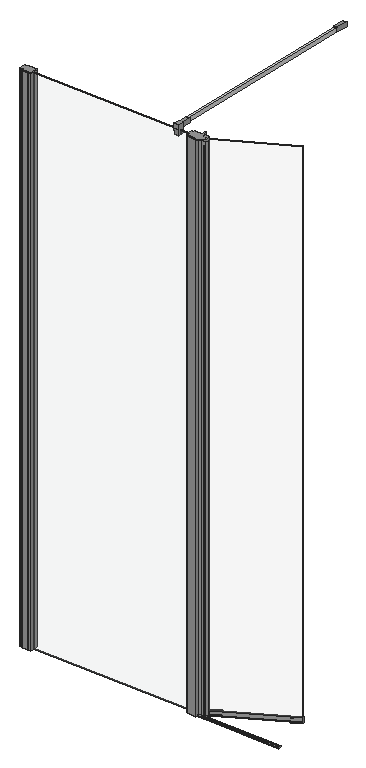
Revit family "Sanitary_Shower-screens_Duscholux_Giro_Separator-Fixed-Segnment+Pivot-door-180°-shower", category Plumbing Fixtures, Revit 2016
Family settings
  Part Type = Normal
  Round Connector Dimension = Use Diameter
  OmniClass Number = 23.45.00.00
  OmniClass Title = Sanitary, Laundry, and Cleaning Equipment
  Work Plane-Based = No
  Always vertical = Yes
  Cut with Voids When Loaded = No
  Shared = No
  Room Calculation Point = No
Parameters (values of type "Shiny Silver Finish")
  Width = 1000 mm
  Uniclass 2015 Description = "Shower Enclosures"
  Uniclass 2015 Code = "PR-40-20-06-79"
  URL = "http://www.duscholux.es/"
  UNSPSC Code = "30181507"
  Thickness Glass = 5 mm  # constant formula
  Technical Inspection Certificate (Applus) = "http://www.duscholux.es/resources/custom/var/APPLUS_en.pdf"
  Support Lenght = 800 mm
  Series = "Plus Evolution Giro"
  Region South America = "Consult"
  Region Oceania = "Consult"
  Region North America = "Consult"
  Region Middle East = "Consult"
  Region Europe = "AD, ES, FR, PT"
  Region Asia = "Consult"
  Region Antartica = "Consult"
  Region Africa = "Consult"
  Ref. = "71I / 71D"
  Products = "http://www.duscholux.es/mamparas_filtro.aspx?es"
  Product group = "Fixed panel"
  Product family = "Plus Evolution Giro"
  Opening System Image = "http://blob.duscholux.es/pluma512/SDIzq1f1pabatible180.gif"
  Opening System = "Pivot Door"
  Opening angle = -30.00°
  Offset Support = 100 mm
  Net Weight (Kg) = 29
  NBS Reference Description = "Shower Enclosures"
  NBS Reference Code = "45-35-70"
  Model = ""
  Min Max Width = if(Width < 700 mm, 700 mm, if(Width > 1400 mm, 1400 mm, Width))  # 1000 mm
  Max Height = if(Height > 2000 mm, 2000 mm, Height)  # 2000 mm
  Manufacturer name = "Duscholux Ibérica, S.A."
  Manufacturer country = "Spain"
  Maintenance and Cleaning = "http://www.duscholux.es/mamparas_limpieza.aspx?en"
  Image = "http://www.duscholux.es/resources/custom/img/mamparas/PLUS%20EVOLUTION%20GIRO/modelos/1F1PSDF/mampara_h.jpg"
  IFC Classification = "Furnishing Element"
  Height = 2000 mm
  Handle Material = Matt Silver Aluminium Finish
  Handle Height = Max Height / 2  # 1000 mm
  Glass in Building UNE EN 12150 = "CE Conformity marking"
  Glass Material = Glass_Material-Duscholux
  Frame Material = Shiny Silver  Aluminium Finish
  Fixed segment = Width - 300 mm  # 700 mm
  Fact Sheet = "http://blob.duscholux.es/enpdf2018/Giro1F1PSDB.pdf"
  Manufacturer = "Duscholux Ibérica, S.A."
  Environmental Management ISO 14001 = "ECOEMBES Certificate"
  Edition number = "1"
  Pivot door = Width - Fixed segment  # 300 mm
  Design country = "Spain / Germany"
  Description = "Front 1 Fixed segment + 1 pivot door at 180° for shower"
  Date of publishing = ""
  Assembly Code = "C1030200"
  Configuration enclosure = "http://configuratumampara.duscholux.es/eCatalogo.aspx"
  Components = "Eropean components"
  Type Comments = ""
  Combinations = ""
  Certified Quality UNE EN 14428 = "http://www.duscholux.es/duscholux_downloads.aspx?es"
  COBIe Type Category = ""
  Brand = "Duscholux"
  Accesories Material = Plastic, Gray
Types (4, lengths in mm): name | Width | Min Max Width | Handle Material | Frame Material | Fixed segment | Accesories Material
  (no name) | 1000 | 1000 | Matt Silver Aluminium Finish | Shiny Silver  Aluminium Finish | 700 | Plastic, Gray
  Silver Matt Aluminium Finish | 1000 | 1000 | Matt Silver Aluminium Finish | Matt Silver Aluminium Finish | 700 | Plastic, Gray
  Shiny Silver Finish | 1000 | 1000 | Matt Silver Aluminium Finish | Shiny Silver  Aluminium Finish | 700 | Plastic, Gray
  White Aluminium Finish | 1100 | 1100 | White Finish | White Aluminium Finish | 800 | White Finish
Reference planes
  plane 1 "Centro (Frontal/Posterior)": y = 0
  plane 2: z = 0
  plane 3 "Centro (Izquierda/Derecha)": x = 0
  plane 4: z = 2000
  plane 5: x = 1000
  plane 6: z = 1000
  plane 7: z = 0
  plane 8: z = 8
  plane 9: y = -15.3
  plane 10: z = 1996
  plane 11: x = 700
  plane 12: x = 600
Forms (mm)
  Extrusion 1, solid, material "Glass_Material-Duscholux" <- "Glass Material"
    sketch origin (695.09, 14.832, 0) x (0.866025, 0.5, 0) y (-0.5, 0.866025, 0)
      loop
        line (-0.257, -12.8) -> (-0.257, -17.8) -> (296.836, -17.8) -> (296.836, -12.8) -> (-0.257, -12.8)
    from 8 to 1992
  Extrusion 2, solid, material "Shiny Silver  Aluminium Finish" <- "Frame Material", detail levels medium+fine
    sketch origin (0, 32.415, 0) x (0, 1, 0) y (0, 0, 1)
      loop
        line (-48.975, 0) -> (-39.375, 0) -> (-39.375, 3)
        arc (-39.375, 3) -> (-39.96, 4.414) -> (-41.375, 5) r 2
        line (-41.375, 5) -> (-46.975, 5)
        arc (-46.975, 5) -> (-48.389, 4.414) -> (-48.975, 3) r 2
        line (-48.975, 3) -> (-48.975, 0)
    from 712.745 to 1000
  Extrusion 3, solid, material "Shiny Silver  Aluminium Finish" <- "Frame Material"
    sketch origin (0, 0, 0) x (1, 0, 0) y (0, 1, 0)
      loop
        line (643.416, 9.29) -> (643.416, 1.79) -> (653.916, 1.79) -> (653.916, -6.21) -> (643.416, -6.21) -> (643.416, -13.71) -> (671.466, -13.71) -> (671.466, -12.36) -> (644.766, -12.36) -> (644.766, -7.555) -> (655.266, -7.555) -> (655.266, 3.135) -> (644.766, 3.135) -> (644.766, 7.94) -> (671.466, 7.94) -> (671.466, 9.29) -> (643.416, 9.29)
    from 0 to 1992
  Extrusion 4, solid, material "Shiny Silver  Aluminium Finish" <- "Frame Material"
    sketch origin (0, 0, 0) x (1, 0, 0) y (0, 1, 0)
      loop
        line (43.002, 12.565) -> (11.652, 12.565) -> (11.652, 9.593) -> (41.752, 9.593) -> (41.752, 3.037) -> (31.002, 3.037) -> (31.002, -7.457) -> (41.752, -7.457) -> (41.752, -14.013) -> (11.652, -14.013) -> (11.652, -16.985) -> (43.002, -16.985) -> (43.002, -6.207) -> (32.502, -6.207) -> (32.502, 1.787) -> (43.002, 1.787) -> (43.002, 12.565)
    from 0 to 1992
  Extrusion 5, solid, material "Shiny Silver  Aluminium Finish" <- "Frame Material"
    sketch origin (0, 0, 0) x (1, 0, 0) y (0, 1, 0)
      loop
        line (31.002, 9.392) -> (0, 9.392) -> (0, 7.892) -> (1.25, 7.892) -> (1.25, -12.308) -> (0, -12.308) -> (0, -13.808) -> (31.002, -13.808) -> (31.002, -12.308) -> (2.752, -12.308) -> (2.752, 7.892) -> (31.002, 7.892) -> (31.002, 9.392)
    from 0 to 1992
  Extrusion 6, solid, material "Glass_Material-Duscholux" <- "Glass Material"
    sketch origin (0, -2.21, 0) x (1, 0, 0) y (0, 1, 0)
      loop
        line (32.502, 2.5) -> (32.502, -2.5) -> (653.916, -2.5) -> (653.916, 2.5) -> (32.502, 2.5)
    from 0 to 1992
  Extrusion 7, solid, material "Shiny Silver  Aluminium Finish" <- "Frame Material"
    sketch origin (73.4, 0, 0) x (1, 0, 0) y (0, 1, 0)
      loop
        line (608.517, 28.54) -> (604.867, 28.54) -> (604.867, 10.89) -> (578.367, 10.89) -> (578.367, 9.39) -> (603.497, 9.39) -> (603.497, -13.81) -> (576.567, -13.81) -> (576.567, -20.87) -> (609.417, -20.87) -> (609.417, -12.5) -> (612.866, -12.5) -> (618.371, -6)
        arc (618.371, -6) -> (616.367, -0.015) -> (618.255, 6.008) r 10.234
        line (618.255, 6.008) -> (612.866, 14) -> (612.866, 15.023) -> (611.24, 24.249) -> (608.517, 28.54)
    from 0 to 1992
  Extrusion 8, solid, material "Plastic, Gray" <- "Accesories Material", detail levels medium+fine
    sketch origin (0, 0, 0) x (1, 0, 0) y (0, 1, 0)
      loop
        line (682.817, -18) -> (712.745, -18) -> (712.745, -4.689) -> (705.148, -8.76)
        arc (705.148, -8.76) -> (697.932, -9.938) -> (691.771, -6) r 10.234
        line (691.771, -6) -> (686.266, -12.5) -> (682.817, -12.5) -> (682.817, -18)
    from 0 to 6
  Extrusion 9, solid, material "Shiny Silver  Aluminium Finish" <- "Frame Material"
    sketch origin (700, 0, 0) x (0.866025, 0.5, 0) y (-0.5, 0.866025, 0)
      loop
        line (12.745, 4.857) -> (5.148, 8.929)
        arc (5.148, 8.929) -> (-10.234, 0.084) -> (5.148, -8.76) r 10.234
        line (5.148, -8.76) -> (12.745, -4.689) -> (12.745, -3.689) -> (2.907, -3.689) -> (2.907, 3.857) -> (12.745, 3.857) -> (12.745, 4.857)
      loop
        circle (0, 0.084) r 1.482
    from 0 to 1992
  Extrusion 10, solid, material "Plastic, Gray" <- "Accesories Material"
    sketch origin (0, 0, 0) x (1, 0, 0) y (0, 1, 0)
      loop
        line (43.002, 12.565) -> (11.652, 12.565) -> (11.652, 9.392) -> (0, 9.392) -> (0, -13.808) -> (11.652, -13.808) -> (11.652, -16.985) -> (43.002, -16.985) -> (43.002, 12.565)
    from 1992 to 1996
  Extrusion 11, solid, material "Plastic, Gray" <- "Accesories Material"
    sketch origin (0, 0, 0) x (1, 0, 0) y (0, 1, 0)
      loop
        line (651.767, 10.89) -> (651.767, 9.29) -> (643.416, 9.29) -> (643.416, -13.71) -> (649.967, -13.71) -> (649.967, -20.87) -> (682.409, -20.87) -> (704.754, -12.738)
        arc (704.754, -12.738) -> (713.673, 0) -> (704.754, 12.738) r 13.555
        line (704.754, 12.738) -> (685.429, 19.771) -> (684.64, 24.249) -> (681.917, 28.54) -> (678.267, 28.54) -> (678.267, 10.89) -> (651.767, 10.89)
    from 1992 to 1996
Lines and regions (mm)
  reference lines
    curve 1: line (700, 0, 0) -> (959.808, 150, 0)
  symbolic lines, detail levels fine
    curve 2: line (700, 0, 0) -> (700, 300, 0)
    curve 3: line (700, 0, 0) -> (700, -300, 0)
    curve 4: arc (700, 300, 0) -> (1000, 0, 0) -> (700, -300, 0) r 300
Dimensions and locks
  "Thickness Glass": Extrusion 1 to Extrusion 1
  plane 8 to level = 8 mm
  "Max Height": plane 4 to level
  "Min Max Width": plane 3 "Centro (Izquierda/Derecha)" to plane 5
  "Handle Height": plane 6 to level
  locked: plane 4 to Extrusion 1 at 8
  locked: plane 4 to plane 10 at 4
  "Fixed segment": plane 3 "Centro (Izquierda/Derecha)" to plane 11
  "Pivot door": curve 1 to curve 1
  plane 3 "Centro (Izquierda/Derecha)" to Extrusion 10 = 43.002 mm
  locked: plane 11 to Extrusion 8 at 12.745
  "Offset Support": plane 12 to plane 11
  "Pivot door": curve 2 to curve 2
  "Pivot door": curve 3 to curve 3
  "Opening angle": angle curve 1 to plane 1 "Centro (Frontal/Posterior)"
  aligned and locked: level to plane 2
  aligned and locked: Extrusion 1 to plane 8
  aligned and locked: Extrusion 1 to Extrusion 3
  aligned and locked: Extrusion 1 to Extrusion 4
  aligned and locked: Extrusion 1 to Extrusion 5
  aligned and locked: Extrusion 6 to Extrusion 3
  aligned and locked: Extrusion 6 to Extrusion 4
  aligned and locked: Extrusion 1 to Extrusion 6
  aligned and locked: Extrusion 1 to Extrusion 7
  aligned and locked: Extrusion 8 to plane 7
  aligned and locked: Extrusion 1 to Extrusion 9
  aligned and locked: plane 11 to curve 1
  aligned and locked: plane 1 "Centro (Frontal/Posterior)" to curve 1
  aligned and locked: Extrusion 10 to Extrusion 4
  aligned and locked: plane 10 to Extrusion 10
  aligned and locked: Extrusion 11 to Extrusion 1
  aligned and locked: plane 10 to Extrusion 11
  aligned and locked: Extrusion 1 to curve 1
  aligned and locked: nested 1 to Extrusion 9
  aligned and locked: Extrusion 2 to Extrusion 8
  aligned and locked: nested 1 to Extrusion 1
  aligned and locked: plane 5 to Extrusion 2
  aligned and locked: Extrusion 6 to nested 2
  aligned and locked: plane 12 to nested 2
Automatic sketch dimensions
  curve 1 to Extrusion 1 sketch curve = 2.907 mm
  Extrusion 1 sketch curve to curve 1 = 0 mm
  Extrusion 1 sketch curve to curve 1 = 2.5 mm
  Extrusion 1 sketch curve to Extrusion 1 sketch curve = 5 mm
  Extrusion 2 sketch curve to level = 0 mm
  plane 9 to Extrusion 2 sketch curve = 1.259 mm
  Extrusion 2 sketch curve to Extrusion 2 sketch curve = 2 mm  (x2)
  Extrusion 2 sketch curve to Extrusion 2 sketch curve = 5.6 mm
  Extrusion 2 sketch curve to Extrusion 2 sketch curve = 3 mm
  Extrusion 3 sketch curve to plane 1 "Centro (Frontal/Posterior)" = 7.94 mm
  Extrusion 3 sketch curve to plane 11 = 55.234 mm
  Extrusion 3 sketch curve to Extrusion 3 sketch curve = 1.35 mm  (x5)
  Extrusion 3 sketch curve to Extrusion 3 sketch curve = 26.7 mm
  Extrusion 3 sketch curve to plane 1 "Centro (Frontal/Posterior)" = 3.135 mm
  Extrusion 3 sketch curve to Extrusion 3 sketch curve = 10.5 mm
  Extrusion 3 sketch curve to plane 1 "Centro (Frontal/Posterior)" = 1.79 mm
  Extrusion 3 sketch curve to Extrusion 3 sketch curve = 1.345 mm
  Extrusion 3 sketch curve to Extrusion 3 sketch curve = 9.15 mm
  Extrusion 3 sketch curve to plane 9 = 2.94 mm
  Extrusion 3 sketch curve to Extrusion 3 sketch curve = 16.2 mm
  plane 3 "Centro (Izquierda/Derecha)" to Extrusion 4 sketch curve = 11.652 mm  (x2)
  plane 9 to Extrusion 4 sketch curve = 1.685 mm
  Extrusion 4 sketch curve to plane 1 "Centro (Frontal/Posterior)" = 3.037 mm
  Extrusion 4 sketch curve to Extrusion 4 sketch curve = 19.35 mm
  Extrusion 4 sketch curve to Extrusion 4 sketch curve = 1.5 mm
  Extrusion 4 sketch curve to Extrusion 4 sketch curve = 9.25 mm  (x2)
  Extrusion 4 sketch curve to Extrusion 4 sketch curve = 1.25 mm  (x3)
  plane 1 "Centro (Frontal/Posterior)" to Extrusion 4 sketch curve = 7.457 mm
  Extrusion 4 sketch curve to plane 1 "Centro (Frontal/Posterior)" = 1.787 mm
  Extrusion 4 sketch curve to Extrusion 4 sketch curve = 6.555 mm
  Extrusion 4 sketch curve to Extrusion 4 sketch curve = 2.972 mm
  Extrusion 4 sketch curve to plane 9 = 1.287 mm
  Extrusion 5 sketch curve to plane 1 "Centro (Frontal/Posterior)" = 7.892 mm
  plane 3 "Centro (Izquierda/Derecha)" to Extrusion 5 sketch curve = 31.002 mm
  plane 3 "Centro (Izquierda/Derecha)" to Extrusion 5 sketch curve = 2.752 mm
  Extrusion 5 sketch curve to Extrusion 5 sketch curve = 1.5 mm
  Extrusion 5 sketch curve to plane 3 "Centro (Izquierda/Derecha)" = 0 mm  (x2)
  plane 3 "Centro (Izquierda/Derecha)" to Extrusion 5 sketch curve = 1.25 mm
  Extrusion 5 sketch curve to plane 9 = 2.992 mm
  Extrusion 5 sketch curve to Extrusion 5 sketch curve = 0 mm  (x3)
  Extrusion 5 sketch curve to plane 9 = 1.492 mm
  Extrusion 3 sketch curve to Extrusion 3 sketch curve = 4.805 mm
  Extrusion 6 sketch curve to plane 11 = 667.498 mm
  plane 1 "Centro (Frontal/Posterior)" to Extrusion 6 sketch curve = 4.71 mm
  Extrusion 6 sketch curve to Extrusion 6 sketch curve = 621.414 mm
  Extrusion 6 sketch curve to plane 1 "Centro (Frontal/Posterior)" = 0.29 mm
  Extrusion 7 sketch curve to plane 1 "Centro (Frontal/Posterior)" = 28.54 mm
  Extrusion 7 sketch curve to plane 11 = 18.083 mm
  Extrusion 7 sketch curve to Extrusion 7 sketch curve = 3.65 mm
  Extrusion 7 sketch curve to plane 1 "Centro (Frontal/Posterior)" = 24.249 mm
  Extrusion 7 sketch curve to Extrusion 7 sketch curve = 2.722 mm
  Extrusion 7 sketch curve to plane 1 "Centro (Frontal/Posterior)" = 15.023 mm
  Extrusion 7 sketch curve to Extrusion 7 sketch curve = 1.627 mm
  Extrusion 7 sketch curve to Extrusion 7 sketch curve = 1.023 mm
  Extrusion 7 sketch curve to plane 1 "Centro (Frontal/Posterior)" = 6.008 mm
  Extrusion 7 sketch curve to Extrusion 7 sketch curve = 5.389 mm
  Extrusion 7 sketch curve to plane 1 "Centro (Frontal/Posterior)" = 0.084 mm
  Extrusion 7 sketch curve to Extrusion 7 sketch curve = 8.345 mm
  plane 1 "Centro (Frontal/Posterior)" to Extrusion 7 sketch curve = 6 mm
  Extrusion 7 sketch curve to Extrusion 7 sketch curve = 5.505 mm
  Extrusion 7 sketch curve to Extrusion 7 sketch curve = 3.449 mm
  plane 9 to Extrusion 7 sketch curve = 5.57 mm
  Extrusion 7 sketch curve to plane 9 = 2.8 mm
  Extrusion 7 sketch curve to Extrusion 7 sketch curve = 32.85 mm
  Extrusion 7 sketch curve to plane 9 = 1.49 mm
  Extrusion 7 sketch curve to Extrusion 7 sketch curve = 5.92 mm
  Extrusion 7 sketch curve to plane 1 "Centro (Frontal/Posterior)" = 9.39 mm
  Extrusion 7 sketch curve to Extrusion 7 sketch curve = 1.8 mm
  Extrusion 7 sketch curve to Extrusion 7 sketch curve = 1.5 mm
  Extrusion 8 sketch curve to plane 11 = 0 mm
  Extrusion 8 sketch curve to plane 9 = 2.8 mm
  Extrusion 8 sketch curve to Extrusion 8 sketch curve = 5.505 mm
  plane 9 to Extrusion 8 sketch curve = 2.7 mm
  Extrusion 8 sketch curve to Extrusion 8 sketch curve = 3.449 mm
  plane 11 to Extrusion 8 sketch curve = 5.148 mm
  Extrusion 8 sketch curve to Extrusion 8 sketch curve = 7.597 mm
  Extrusion 8 sketch curve to plane 9 = 6.54 mm
  plane 1 "Centro (Frontal/Posterior)" to Extrusion 8 sketch curve = 6 mm
  plane 1 "Centro (Frontal/Posterior)" to Extrusion 8 sketch curve = 4.689 mm
  Extrusion 8 sketch curve to plane 1 "Centro (Frontal/Posterior)" = 0.084 mm
  Extrusion 9 sketch curve to Extrusion 9 sketch curve = 0 mm  (x3)
  Extrusion 9 sketch curve to curve 1 = 0 mm
  curve 1 to Extrusion 9 sketch curve = 0.084 mm
  curve 1 to Extrusion 9 sketch curve = 2.907 mm
  curve 1 to Extrusion 9 sketch curve = 5.148 mm  (x2)
  Extrusion 9 sketch curve to curve 1 = 3.857 mm
  Extrusion 9 sketch curve to Extrusion 9 sketch curve = 7.597 mm
  Extrusion 9 sketch curve to curve 1 = 3.689 mm
  Extrusion 9 sketch curve to curve 1 = 8.76 mm
  Extrusion 9 sketch curve to Extrusion 9 sketch curve = 1 mm
  Extrusion 9 sketch curve to curve 1 = 1.482 mm
  curve 1 to Extrusion 9 sketch curve = 4.689 mm
  Extrusion 10 sketch curve to plane 3 "Centro (Izquierda/Derecha)" = 0 mm
  plane 9 to Extrusion 10 sketch curve = 1.685 mm
  plane 3 "Centro (Izquierda/Derecha)" to Extrusion 10 sketch curve = 11.652 mm  (x2)
  Extrusion 10 sketch curve to Extrusion 10 sketch curve = 31.35 mm
  Extrusion 10 sketch curve to plane 9 = 1.492 mm
  Extrusion 10 sketch curve to plane 1 "Centro (Frontal/Posterior)" = 12.565 mm
  Extrusion 10 sketch curve to plane 1 "Centro (Frontal/Posterior)" = 9.392 mm
  plane 1 "Centro (Frontal/Posterior)" to Extrusion 11 sketch curve = 0 mm
  Extrusion 11 sketch curve to plane 1 "Centro (Frontal/Posterior)" = 9.29 mm
  Extrusion 11 sketch curve to plane 11 = 56.584 mm
  Extrusion 11 sketch curve to plane 9 = 1.59 mm
  Extrusion 11 sketch curve to Extrusion 11 sketch curve = 6.552 mm
  Extrusion 11 sketch curve to Extrusion 11 sketch curve = 8.352 mm
  Extrusion 11 sketch curve to plane 11 = 21.733 mm
  Extrusion 11 sketch curve to Extrusion 11 sketch curve = 3.65 mm
  plane 9 to Extrusion 11 sketch curve = 5.57 mm
  Extrusion 11 sketch curve to plane 11 = 17.591 mm
  Extrusion 11 sketch curve to Extrusion 11 sketch curve = 2.722 mm
  Extrusion 11 sketch curve to Extrusion 11 sketch curve = 0.79 mm
  plane 11 to Extrusion 11 sketch curve = 0.118 mm
  plane 11 to Extrusion 11 sketch curve = 4.754 mm  (x2)
  Extrusion 11 sketch curve to plane 9 = 2.562 mm
  Extrusion 11 sketch curve to Extrusion 11 sketch curve = 1.6 mm
  Extrusion 11 sketch curve to Extrusion 11 sketch curve = 8.881 mm
  Extrusion 11 sketch curve to Extrusion 11 sketch curve = 4.478 mm
  Extrusion 11 sketch curve to Extrusion 11 sketch curve = 4.291 mm
  curve 2 to plane 11 = 0 mm
  plane 1 "Centro (Frontal/Posterior)" to curve 3 = 0 mm
Nested families
  nested 1: "Lower-Guide" at (711.037, 6.372, 8) x (0.866, 0.5, 0) z (0, 0, 1), type "Lower-Guide", detail levels fine
    with built-in parameter 1001306 0.94244 (stored number, unit not read)
  nested 2: "Wall Support" at (600, 0, 1992) x (0, 1, 0) z (0, 0, 1), type "Wall Support"
Definition of nested family "Lower-Guide"
  Parameters (values of type "2353MA")
    built-in parameter 1001306 [instance] = 500 mm
  Reference planes
    plane 1 "Centro (Frontal/Posterior)": y = 0
    plane 2: z = 0
    plane 3 "Izquierda": x = 0
    plane 4 "Derecha": x = 500
    plane 5: z = 0
  Forms (mm)
    Extrusion 1, solid
      sketch origin (0, 0, 0) x (0, 1, 0) y (0, 0, 1)
        loop
          line (-4.2, 0) -> (-3, 12) -> (-4.5, 12) -> (-5.692, 0.15)
          arc (-5.692, 0.15) -> (-5.345, -0.968) -> (-4.3, -1.497) r 1.5
          line (-4.3, -1.497) -> (-4.3, -5.874)
          arc (-4.3, -5.874) -> (-3.9, -6.274) -> (-3.5, -5.874) r 0.4
          line (-3.5, -5.874) -> (-3.5, -1.5) -> (3.5, -1.5) -> (3.5, -7.653)
          arc (3.5, -7.653) -> (3.9, -8.053) -> (4.3, -7.653) r 0.4
          line (4.3, -7.653) -> (4.3, -1.508) -> (5.754, -1.508) -> (11.976, -3.947)
          arc (11.976, -3.947) -> (12.62, -3.771) -> (12.515, -3.111) r 0.5
          line (12.515, -3.111) -> (9.056, -1.58)
          arc (9.056, -1.58) -> (6.398, 0.585) -> (5.211, 3.802) r 6.5
          line (5.211, 3.802) -> (4.5, 12) -> (3, 12) -> (4.2, 0) -> (-4.2, 0)
      from 0 to 500
  Lines and regions (mm)
    reference lines
      curve 1: line (0, 0, 0) -> (500, 0, 0)
  Dimensions and locks
    "built-in parameter 1001306": plane 3 "Izquierda" to plane 4 "Derecha"
    aligned and locked: plane 4 "Derecha" to curve 1
    aligned and locked: plane 1 "Centro (Frontal/Posterior)" to curve 1
    aligned and locked: plane 3 "Izquierda" to curve 1
    aligned and locked: level to plane 2
    aligned and locked: plane 4 "Derecha" to Extrusion 1
  Automatic sketch dimensions
    Extrusion 1 sketch curve to level = 0 mm  (x2)
    Extrusion 1 sketch curve to Extrusion 1 sketch curve = 0.4 mm  (x3)
    Extrusion 1 sketch curve to Extrusion 1 sketch curve = 0 mm  (x2)
    Extrusion 1 sketch curve to Extrusion 1 sketch curve = 1.5 mm  (x2)
    Extrusion 1 sketch curve to Extrusion 1 sketch curve = 1.454 mm
    Extrusion 1 sketch curve to level = 1.58 mm
    Extrusion 1 sketch curve to Extrusion 1 sketch curve = 3.301 mm
    level to Extrusion 1 sketch curve = 4.364 mm
    Extrusion 1 sketch curve to Extrusion 1 sketch curve = 2.632 mm
    Extrusion 1 sketch curve to level = 3.947 mm
    Extrusion 1 sketch curve to Extrusion 1 sketch curve = 2.921 mm
    Extrusion 1 sketch curve to Extrusion 1 sketch curve = 0.224 mm
    Extrusion 1 sketch curve to level = 3.111 mm
    Extrusion 1 sketch curve to Extrusion 1 sketch curve = 0.315 mm
    Extrusion 1 sketch curve to level = 5.874 mm
    Extrusion 1 sketch curve to Extrusion 1 sketch curve = 1.778 mm
    Extrusion 1 sketch curve to level = 1.508 mm
    Extrusion 1 sketch curve to level = 1.5 mm
    Extrusion 1 sketch curve to Extrusion 1 sketch curve = 0.003 mm
    level to Extrusion 1 sketch curve = 12 mm
    level to Extrusion 1 sketch curve = 0.15 mm
    plane 1 "Centro (Frontal/Posterior)" to Extrusion 1 sketch curve = 3 mm
    plane 1 "Centro (Frontal/Posterior)" to Extrusion 1 sketch curve = 3.5 mm
    Extrusion 1 sketch curve to Extrusion 1 sketch curve = 0.1 mm  (x2)
    Extrusion 1 sketch curve to plane 1 "Centro (Frontal/Posterior)" = 3 mm
    Extrusion 1 sketch curve to plane 1 "Centro (Frontal/Posterior)" = 3.5 mm
    Extrusion 1 sketch curve to Extrusion 1 sketch curve = 0.799 mm
    level to Extrusion 1 sketch curve = 3.802 mm
Definition of nested family "Wall Support"
  Parameters (values of type "Wall Support")
    Lenght = 800 mm
  Reference planes
    plane 1 "Center (Front/Back)": y = 0
    plane 2: z = 0
    plane 3 "Center (Left/Right)": x = 0
    plane 4: x = 800
  Forms (mm)
    Extrusion 1, solid
      sketch origin (11.441, 0, 35.625) x (1, 0, 0) y (0, 0, 1)
        loop
          line (-19.941, -52.625) -> (-2.941, -52.625) -> (-2.941, -15.625) -> (-22.941, -15.625) -> (-22.941, -32.625) -> (-19.941, -52.625)
      from -8.5 to 8.5
    Extrusion 2, void
      sketch origin (0, 0, 0) x (1, 0, 0) y (0, 0, 1)
        loop
          line (-5, 0) -> (-5, -17) -> (5, -17) -> (5, 0) -> (-5, 0)
      from -8.5 to 8.5
    Extrusion 3, solid
      sketch origin (0, 0, 0) x (1, 0, 0) y (0, 0, 1)
        loop
          line (11, 20) -> (11, 3) -> (43.5, 3) -> (43.5, 20) -> (11, 20)
      from -6 to 6
    Extrusion 4, solid
      sketch origin (0, 0, 0) x (1, 0, 0) y (0, 1, 0)
        loop
          line (8.5, -8.5) -> (11, -6) -> (11, 6) -> (8.5, 8.5) -> (8.5, -8.5)
      from -17 to 20
    Extrusion 5, solid
      sketch origin (0, 5.055, -43.851) x (0, 1, 0) y (0, 0, 1)
        loop
          line (-9.555, 48.351) -> (-0.555, 48.351) -> (-0.555, 62.351) -> (-9.555, 62.351) -> (-9.555, 48.351)
      from 43.5 to 755
    Extrusion 6, solid
      sketch origin (218.427, 0, -57.651) x (1, 0, 0) y (0, 0, 1)
        loop
          line (536.573, 77.651) -> (536.573, 60.651) -> (581.573, 60.651) -> (581.573, 77.651) -> (536.573, 77.651)
      from -6 to 6
  Cuts and joins
    Extrusion 2 cuts Extrusion 1
    joined: Extrusion 1, Extrusion 3, Extrusion 4
  Dimensions and locks
    equal spacing: Extrusion 1, plane 1 "Center (Front/Back)", Extrusion 1
    cut or joined group of Extrusion 1, Extrusion 2, Extrusion 3, Extrusion 4 to plane 3 "Center (Left/Right)" = 43.5 mm
    locked: cut or joined group of Extrusion 1, Extrusion 2, Extrusion 3, Extrusion 4 to plane 3 "Center (Left/Right)" at 11.5
    "Lenght": plane 4 to plane 3 "Center (Left/Right)"
    locked: Extrusion 6 to Extrusion 6 at 45
    locked: cut or joined group of Extrusion 1, Extrusion 2, Extrusion 3, Extrusion 4 to level at 20
    locked: level to cut or joined group of Extrusion 1, Extrusion 2, Extrusion 3, Extrusion 4 at 17
    aligned and locked: level to plane 2
    aligned and locked: Extrusion 1 to Extrusion 2
    aligned and locked: Extrusion 2 to Extrusion 1
    aligned and locked: Extrusion 3 to Extrusion 4
    aligned and locked: cut or joined group of Extrusion 1, Extrusion 2, Extrusion 3, Extrusion 4 to Extrusion 4  (x2)
    aligned and locked: Extrusion 5 to cut or joined group of Extrusion 1, Extrusion 2, Extrusion 3, Extrusion 4
    aligned and locked: Extrusion 5 to Extrusion 6
    aligned and locked: plane 4 to Extrusion 6
    aligned and locked: Extrusion 6 to cut or joined group of Extrusion 1, Extrusion 2, Extrusion 3, Extrusion 4
    aligned and locked: cut or joined group of Extrusion 1, Extrusion 2, Extrusion 3, Extrusion 4 to Extrusion 6
  Automatic sketch dimensions
    level to Extrusion 1 sketch curve = 3 mm
    Extrusion 1 sketch curve to plane 3 "Center (Left/Right)" = 11.5 mm
    Extrusion 1 sketch curve to plane 3 "Center (Left/Right)" = 8.5 mm
    plane 3 "Center (Left/Right)" to Extrusion 1 sketch curve = 8.5 mm
    Extrusion 1 sketch curve to level = 17 mm
    Extrusion 1 sketch curve to Extrusion 1 sketch curve = 17 mm
    Extrusion 2 sketch curve to level = 0 mm
    Extrusion 2 sketch curve to plane 3 "Center (Left/Right)" = 5 mm
    plane 3 "Center (Left/Right)" to Extrusion 2 sketch curve = 5 mm
    Extrusion 2 sketch curve to Extrusion 2 sketch curve = 17 mm
    level to Extrusion 3 sketch curve = 3 mm
    plane 3 "Center (Left/Right)" to Extrusion 3 sketch curve = 43.5 mm
    Extrusion 3 sketch curve to Extrusion 3 sketch curve = 17 mm
    plane 3 "Center (Left/Right)" to Extrusion 3 sketch curve = 11 mm
    plane 3 "Center (Left/Right)" to Extrusion 4 sketch curve = 8.5 mm
    plane 1 "Center (Front/Back)" to Extrusion 4 sketch curve = 8.5 mm
    Extrusion 4 sketch curve to plane 1 "Center (Front/Back)" = 8.5 mm
    Extrusion 4 sketch curve to Extrusion 4 sketch curve = 2.5 mm  (x3)
    Extrusion 5 sketch curve to plane 1 "Center (Front/Back)" = 4.5 mm
    level to Extrusion 5 sketch curve = 4.5 mm
    Extrusion 5 sketch curve to Extrusion 5 sketch curve = 14 mm
    Extrusion 5 sketch curve to Extrusion 5 sketch curve = 9 mm
    level to Extrusion 6 sketch curve = 3 mm
    Extrusion 6 sketch curve to plane 4 = 0 mm
    Extrusion 6 sketch curve to Extrusion 6 sketch curve = 17 mm
    Extrusion 6 sketch curve to Extrusion 6 sketch curve = 45 mm
